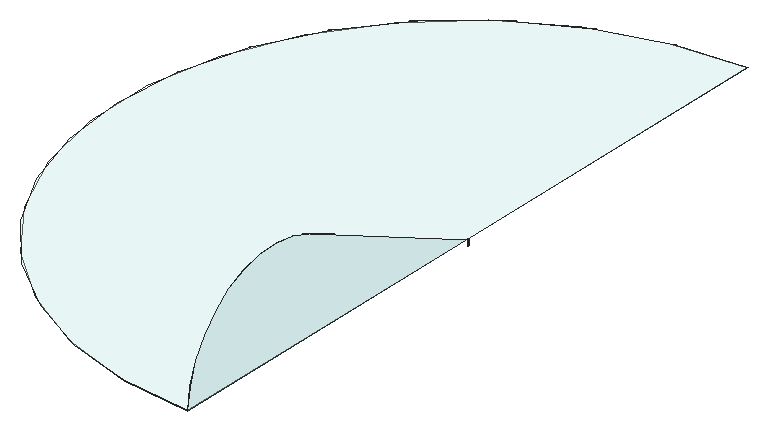
Revit family "Rotor Falvon 6504 Series - 6504PCSS", category Acessórios do tubo, Revit 2020
Family settings
  Cota do conector redondo = Utilizar diâmetro
  Tipo de parte = Normal
  Número OmniClass = 23.60.30.11.14
  Título OmniClass = Pipework Fittings
  Com base no plano de trabalho = Não
  Sempre na vertical = Sim
  Corte com vazios quando carregada = Não
  Compartilhado = Não
Parameters (values of type "Nozzle 18")
  Water = Water
  URL = "https://www.rainbird.com/"
  TABLE 90 = "TABLE 90psi"
  TABLE 80 = "TABLE 80psi"
  TABLE 70 = "TABLE 70psi"
  TABLE 60 = "TABLE 60psi"
  TABLE 50 = "TABLE 50psi"
  TABLE 40 = "TABLE 40psi"
  TABLE 30 = "TABLE 30psi"
  SupportProjetos: Reviw Date = ""  # constant formula
  SupportProjetos: Reviw = "R00"  # constant formula
  SupportProjetos: Level of Detail = "LOD 300"  # constant formula
  SupportProjetos: Developed = "MICHEL SOARES MOTA"  # constant formula
  SupportProjetos: Creation Date = "07/08/2020"  # constant formula
  Side inlet = no
  Rotation Water Visibility [instance] = Pop up on  # yes
  Rotation Angle [instance] = 180.00°
  RainBird: Product Link = "https://www.rainbird.com/"
  RainBird: Description = "FALCON 6504-PC-SS Rotor "  # constant formula
  RainBird: Comment [instance] = ""
  RainBird: Code = "B65501"  # constant formula
  Radius [instance] = if(and(Pressure = 30.0 psi, Instance < 3 ft), size_lookup(TABLE 30, "Radius", 0 ft, Instance), if(and(Pressure = 40.0 psi, Instance < 9 ft), size_lookup(TABLE 40, "Radius", 0 ft, Instance), if(and(Pressure = 50.0 psi, Instance < 9 ft), size_lookup(TABLE 50, "Radius", 0 ft, Instance), if(and(Pressure = 60.0 psi, Instance < 9 ft), size_lookup(TABLE 60, "Radius", 0 ft, Instance), if(and(Pressure = 70.0 psi, Instance < 9 ft), size_lookup(TABLE 70, "Radius", 0 ft, Instance), if(and(Pressure = 80.0 psi, Instance < 9 ft), size_lookup(TABLE 80, "Radius", 0 ft, Instance), if(and(Pressure = 90.0 psi, Instance > 7 ft), size_lookup(TABLE 90, "Radius", 600 ft, Instance), 0 ft)))))))  # 63 ft
  RT = 0.009893 ft
  RN = 0.032808 ft
  R5 = 0.03937 ft
  R4 = 0.04101 ft
  R3 = 0.065617 ft
  R2 = 0.075407 ft
  R1 = 0.032808 ft
  Pressure [instance] = 60.0 psi
  Pop up height = 0.334646 ft
  Pop up on [instance] = yes
  Modelo = "6504-PCSS"  # constant formula
  Instance = 8 ft
  H1 = Body height / 3  # 0.236333 ft
  Flow [instance] = if(and(Pressure = 30.0 psi, Instance < 3 ft), size_lookup(TABLE 30, "Flow", 0.0 GPM, Instance), if(and(Pressure = 40.0 psi, Instance < 9 ft), size_lookup(TABLE 40, "Flow", 0.0 GPM, Instance), if(and(Pressure = 50.0 psi, Instance < 9 ft), size_lookup(TABLE 50, "Flow", 0.0 GPM, Instance), if(and(Pressure = 60.0 psi, Instance < 9 ft), size_lookup(TABLE 60, "Flow", 0.0 GPM, Instance), if(and(Pressure = 70.0 psi, Instance < 9 ft), size_lookup(TABLE 70, "Flow", 0.0 GPM, Instance), if(and(Pressure = 80.0 psi, Instance < 9 ft), size_lookup(TABLE 80, "Flow", 0.0 GPM, Instance), if(and(Pressure = 90.0 psi, Instance > 7 ft), size_lookup(TABLE 90, "Flow", 0.0 GPM, Instance), 0.0 GPM)))))))  # 17.1 GPM
  Fabricante = "Rain Bird"
  Elevação padrão = 0 ft
  Description = RainBird: Description  # "FALCON 6504-PC-SS Rotor "
  DD13 = 0.002625 ft
  DD12 = 0.003937 ft
  DD11 = 0.009897 ft
  DD10 = 0.016404 ft
  DD8 [instance] = if(Pop up on, Pop up height, 0 ft)  # 0.334646 ft
  DD7 = 0.019685 ft
  DD6 [instance] = 0.016404 ft
  DD5 = 0.065617 ft
  DD4 = 0.032808 ft
  DD3 = 0.091048 ft
  DD2 [instance] = 0.024514 ft
  DD9 [instance] = if(Pop up on, Pop up height + 0.049541 ft, 0 ft)  # 0.384186 ft
  DD1 = 0.006562 ft
  Conection = 0.062664 ft  # constant formula
  Body height = 0.709 ft  # constant formula
  Blue = Blue Plastic
  Black Plastic = Black Plastic
  Angle = 25.00°
Types (9, lengths in ft): name | Radius | Pressure | Instance | Flow
  (no name) | 63 | 60.0 psi | 8 | 17.1 GPM
  Nozzle 4 | 43 | 80.0 psi | 1 | 4.6 GPM
  Nozzle 6 | 49 | 80.0 psi | 2 | 4.9 GPM
  Nozzle 8 | 53 | 80.0 psi | 3 | 9.4 GPM
  Nozzle 10 | 55 | 80.0 psi | 4 | 11.6 GPM
  Nozzle 12 | 61 | 80.0 psi | 5 | 14.0 GPM
  Tipo 14 | 61 | 80.0 psi | 6 | 16.2 GPM
  Nozzle 16 | 63 | 80.0 psi | 7 | 18.1 GPM
  Nozzle 18 | 63 | 60.0 psi | 8 | 17.1 GPM
Reference planes (ft)
  plane 1 "Centro (Frente/Trás)": y = 0
  plane 2: z = 0
  plane 3 "Centro (Esquerda/Direita)": x = 0
  plane 4: z = 0.003937
  plane 5: z = 0.002625
  plane 6: y = -0.065617
Forms (ft)
  Revolve 1, solid, material "Black Plastic" <- "Black Plastic"
    sketch origin (0, 0, 0) x (1, 0, 0) y (0, 0, 1)
      loop
        line (0.075407, -0.091048) -> (0.075407, -0.035324)
        arc (0.075407, -0.035324) -> (0.072509, -0.028329) -> (0.065514, -0.025431) r 0.009893
        line (0.065514, -0.025431) -> (0.046098, -0.025431) -> (0.046098, 0) -> (0.03937, 0) -> (0.03937, -0.334646) -> (0.019685, -0.334646) -> (0.019685, -0.702438) -> (0.032808, -0.702438) -> (0.032808, -0.709) -> (0.04101, -0.709) -> (0.04101, -0.702438) -> (0.055724, -0.702438)
        arc (0.055724, -0.702438) -> (0.062719, -0.699541) -> (0.065617, -0.692545) r 0.009893
        line (0.065617, -0.692545) -> (0.065617, -0.091048) -> (0.075407, -0.091048)
      axis (0, -0.709) -> (0, 0)
    angle from 0 to 360
  Extrusion 2, solid, material "Black Plastic" <- "Black Plastic"
    sketch origin (0, 0, 0) x (1, 0, 0) y (0, 1, 0)
      loop
        circle (0, 0) r 0.032808
    from -0.334646 to 0.334646
  Extrusion 3, void
    sketch origin (0, 0, 0) x (1, 0, 0) y (0, 1, 0)
      loop
        circle (0, 0) r 0.022844
    from -0.334646 to 0.334646
  Revolve 4, solid, material "Black Plastic" <- "Black Plastic"
    sketch origin (0, 0, 0) x (1, 0, 0) y (0, 0, 1)
      loop
        line (0, 0.334646) -> (0.037004, 0.334646) -> (0.037004, 0.344543)
        arc (0.037004, 0.344543) -> (0.01879, 0.349436) -> (0, 0.35105) r 0.10685
        line (0, 0.35105) -> (0, 0.334646)
      axis (0, 0.334646) -> (0, 0.35105)
    angle from 0 to 360
  Extrusion 5, solid, material "Blue Plastic" <- "Blue"
    sketch origin (0, 0, 0) x (1, 0, 0) y (0, 0, 1)
      loop
        circle (0, 0.310131) r 0.009129
      loop
        circle (0, 0.310131) r 0.004793
    from 0 to 0.034386
  Extrusion 6, void
    sketch origin (0, 0, 0) x (1, 0, 0) y (0, 0, 1)
      loop
        line (-0.02074, 0.328055) -> (-0.02074, 0.282426) -> (0.020672, 0.282426) -> (0.020672, 0.328055) -> (-0.02074, 0.328055)
      loop
        line (-0.018439, 0.325179) -> (-0.018439, 0.285685) -> (0.018179, 0.285685) -> (0.018179, 0.325179) -> (-0.018439, 0.325179)
    from 0.024556 to 0.06931
  Extrusion 7, solid, material "Black Plastic" <- "Black Plastic"
    sketch origin (0, 0, 0) x (1, 0, 0) y (0, 0, 1)
      loop
        line (0.046098, 0) -> (0.046098, -0.036876) -> (0.073493, -0.036876) -> (0.046098, 0)
    from -0.002998 to 0.002998
  Extrusion 8, solid, material "Black Plastic" <- "Black Plastic"
    sketch origin (0, 0, 0) x (-1, 0, 0) y (0, 0, -1)
      loop
        line (0.046098, 0) -> (0.073493, 0.036876) -> (0.046098, 0.036876) -> (0.046098, 0)
    from -0.002998 to 0.002998
  Extrusion 9, solid, material "Black Plastic" <- "Black Plastic"
    sketch origin (0, 0, 0) x (0.866025, 0.5, 0) y (0, 0, 1)
      loop
        line (0.046098, 0) -> (0.046098, -0.036876) -> (0.073493, -0.036876) -> (0.046098, 0)
    from -0.002998 to 0.002998
  Extrusion 10, solid, material "Black Plastic" <- "Black Plastic"
    sketch origin (0, 0, 0) x (-0.866025, -0.5, 0) y (0, 0, -1)
      loop
        line (0.046098, 0) -> (0.073493, 0.036876) -> (0.046098, 0.036876) -> (0.046098, 0)
    from -0.002998 to 0.002998
  Extrusion 11, solid, material "Black Plastic" <- "Black Plastic"
    sketch origin (0, 0, 0) x (0, 1, 0) y (0, 0, 1)
      loop
        line (0.046098, 0) -> (0.046098, -0.036876) -> (0.073493, -0.036876) -> (0.046098, 0)
    from -0.002998 to 0.002998
  Extrusion 12, solid, material "Black Plastic" <- "Black Plastic"
    sketch origin (0, 0, 0) x (0, -1, 0) y (0, 0, -1)
      loop
        line (0.046098, 0) -> (0.073493, 0.036876) -> (0.046098, 0.036876) -> (0.046098, 0)
    from -0.002998 to 0.002998
  Extrusion 13, solid, material "Black Plastic" <- "Black Plastic"
    sketch origin (0, 0, 0) x (0.5, 0.866025, 0) y (0, 0, 1)
      loop
        line (0.046098, 0) -> (0.046098, -0.036876) -> (0.073493, -0.036876) -> (0.046098, 0)
    from -0.002998 to 0.002998
  Extrusion 14, solid, material "Black Plastic" <- "Black Plastic"
    sketch origin (0, 0, 0) x (-0.5, -0.866025, 0) y (0, 0, -1)
      loop
        line (0.046098, 0) -> (0.073493, 0.036876) -> (0.046098, 0.036876) -> (0.046098, 0)
    from -0.002998 to 0.002998
  Extrusion 15, solid, material "Black Plastic" <- "Black Plastic"
    sketch origin (0, 0, 0) x (-0.5, 0.866025, 0) y (0, 0, 1)
      loop
        line (0.046098, 0) -> (0.046098, -0.036876) -> (0.073493, -0.036876) -> (0.046098, 0)
    from -0.002998 to 0.002998
  Extrusion 16, solid, material "Black Plastic" <- "Black Plastic"
    sketch origin (0, 0, 0) x (0.5, -0.866025, 0) y (0, 0, -1)
      loop
        line (0.046098, 0) -> (0.073493, 0.036876) -> (0.046098, 0.036876) -> (0.046098, 0)
    from -0.002998 to 0.002998
  Extrusion 17, solid, material "Black Plastic" <- "Black Plastic"
    sketch origin (0, 0, 0) x (-0.866025, 0.5, 0) y (0, 0, 1)
      loop
        line (0.046098, 0) -> (0.046098, -0.036876) -> (0.073493, -0.036876) -> (0.046098, 0)
    from -0.002998 to 0.002998
  Extrusion 18, solid, material "Black Plastic" <- "Black Plastic"
    sketch origin (0, 0, 0) x (0.866025, -0.5, 0) y (0, 0, -1)
      loop
        line (0.046098, 0) -> (0.073493, 0.036876) -> (0.046098, 0.036876) -> (0.046098, 0)
    from -0.002998 to 0.002998
  Extrusion 19, void
    sketch origin (0, 0, 0) x (1, 0, 0) y (0, 1, 0)
      loop
        line (-0.002998, 0.077702) -> (-0.002998, 0.071655) -> (0.002998, 0.071655) -> (0.002998, 0.077702) -> (-0.002998, 0.077702)
    from -0.091048 to 0.82021
  Extrusion 20, void
    sketch origin (0, 0, 0) x (1, 0, 0) y (0, 1, 0)
      loop
        line (0.002998, -0.077702) -> (0.002998, -0.071655) -> (-0.002998, -0.071655) -> (-0.002998, -0.077702) -> (0.002998, -0.077702)
    from -0.091048 to 0.82021
  Extrusion 21, void
    sketch origin (0, 0, 0) x (0.965926, 0.258819, 0) y (-0.258819, 0.965926, 0)
      loop
        line (-0.002998, 0.077702) -> (-0.002998, 0.071655) -> (0.002998, 0.071655) -> (0.002998, 0.077702) -> (-0.002998, 0.077702)
    from -0.091048 to 0.82021
  Extrusion 22, void
    sketch origin (0, 0, 0) x (0.965926, 0.258819, 0) y (-0.258819, 0.965926, 0)
      loop
        line (0.002998, -0.077702) -> (0.002998, -0.071655) -> (-0.002998, -0.071655) -> (-0.002998, -0.077702) -> (0.002998, -0.077702)
    from -0.091048 to 0.82021
  Extrusion 23, void
    sketch origin (0, 0, 0) x (0.866025, 0.5, 0) y (-0.5, 0.866025, 0)
      loop
        line (-0.002998, 0.077702) -> (-0.002998, 0.071655) -> (0.002998, 0.071655) -> (0.002998, 0.077702) -> (-0.002998, 0.077702)
    from -0.091048 to 0.82021
  Extrusion 24, void
    sketch origin (0, 0, 0) x (0.866025, 0.5, 0) y (-0.5, 0.866025, 0)
      loop
        line (0.002998, -0.077702) -> (0.002998, -0.071655) -> (-0.002998, -0.071655) -> (-0.002998, -0.077702) -> (0.002998, -0.077702)
    from -0.091048 to 0.82021
  Extrusion 25, void
    sketch origin (0, 0, 0) x (0.5, 0.866025, 0) y (-0.866025, 0.5, 0)
      loop
        line (-0.002998, 0.077702) -> (-0.002998, 0.071655) -> (0.002998, 0.071655) -> (0.002998, 0.077702) -> (-0.002998, 0.077702)
    from -0.091048 to 0.82021
  Extrusion 26, void
    sketch origin (0, 0, 0) x (0.5, 0.866025, 0) y (-0.866025, 0.5, 0)
      loop
        line (0.002998, -0.077702) -> (0.002998, -0.071655) -> (-0.002998, -0.071655) -> (-0.002998, -0.077702) -> (0.002998, -0.077702)
    from -0.091048 to 0.82021
  Extrusion 27, void
    sketch origin (0, 0, 0) x (0.707107, 0.707107, 0) y (-0.707107, 0.707107, 0)
      loop
        line (-0.002998, 0.077702) -> (-0.002998, 0.071655) -> (0.002998, 0.071655) -> (0.002998, 0.077702) -> (-0.002998, 0.077702)
    from -0.091048 to 0.82021
  Extrusion 28, void
    sketch origin (0, 0, 0) x (0.707107, 0.707107, 0) y (-0.707107, 0.707107, 0)
      loop
        line (0.002998, -0.077702) -> (0.002998, -0.071655) -> (-0.002998, -0.071655) -> (-0.002998, -0.077702) -> (0.002998, -0.077702)
    from -0.091048 to 0.82021
  Extrusion 29, void
    sketch origin (0, 0, 0) x (0.258819, 0.965926, 0) y (-0.965926, 0.258819, 0)
      loop
        line (-0.002998, 0.077702) -> (-0.002998, 0.071655) -> (0.002998, 0.071655) -> (0.002998, 0.077702) -> (-0.002998, 0.077702)
    from -0.091048 to 0.82021
  Extrusion 30, void
    sketch origin (0, 0, 0) x (0.258819, 0.965926, 0) y (-0.965926, 0.258819, 0)
      loop
        line (0.002998, -0.077702) -> (0.002998, -0.071655) -> (-0.002998, -0.071655) -> (-0.002998, -0.077702) -> (0.002998, -0.077702)
    from -0.091048 to 0.82021
  Extrusion 31, void
    sketch origin (0, 0, 0) x (0, 1, 0) y (-1, 0, 0)
      loop
        line (-0.002998, 0.077702) -> (-0.002998, 0.071655) -> (0.002998, 0.071655) -> (0.002998, 0.077702) -> (-0.002998, 0.077702)
    from -0.091048 to 0.82021
  Extrusion 32, void
    sketch origin (0, 0, 0) x (0, 1, 0) y (-1, 0, 0)
      loop
        line (0.002998, -0.077702) -> (0.002998, -0.071655) -> (-0.002998, -0.071655) -> (-0.002998, -0.077702) -> (0.002998, -0.077702)
    from -0.091048 to 0.82021
  Extrusion 33, void
    sketch origin (0, 0, 0) x (-0.258819, 0.965926, 0) y (-0.965926, -0.258819, 0)
      loop
        line (-0.002998, 0.077702) -> (-0.002998, 0.071655) -> (0.002998, 0.071655) -> (0.002998, 0.077702) -> (-0.002998, 0.077702)
    from -0.091048 to 0.82021
  Extrusion 34, void
    sketch origin (0, 0, 0) x (-0.258819, 0.965926, 0) y (-0.965926, -0.258819, 0)
      loop
        line (0.002998, -0.077702) -> (0.002998, -0.071655) -> (-0.002998, -0.071655) -> (-0.002998, -0.077702) -> (0.002998, -0.077702)
    from -0.091048 to 0.82021
  Extrusion 35, void
    sketch origin (0, 0, 0) x (-0.5, 0.866025, 0) y (-0.866025, -0.5, 0)
      loop
        line (-0.002998, 0.077702) -> (-0.002998, 0.071655) -> (0.002998, 0.071655) -> (0.002998, 0.077702) -> (-0.002998, 0.077702)
    from -0.091048 to 0.82021
  Extrusion 36, void
    sketch origin (0, 0, 0) x (-0.5, 0.866025, 0) y (-0.866025, -0.5, 0)
      loop
        line (0.002998, -0.077702) -> (0.002998, -0.071655) -> (-0.002998, -0.071655) -> (-0.002998, -0.077702) -> (0.002998, -0.077702)
    from -0.091048 to 0.82021
  Extrusion 37, void
    sketch origin (0, 0, 0) x (-0.707107, 0.707107, 0) y (-0.707107, -0.707107, 0)
      loop
        line (-0.002998, 0.077702) -> (-0.002998, 0.071655) -> (0.002998, 0.071655) -> (0.002998, 0.077702) -> (-0.002998, 0.077702)
    from -0.091048 to 0.82021
  Extrusion 38, void
    sketch origin (0, 0, 0) x (-0.707107, 0.707107, 0) y (-0.707107, -0.707107, 0)
      loop
        line (0.002998, -0.077702) -> (0.002998, -0.071655) -> (-0.002998, -0.071655) -> (-0.002998, -0.077702) -> (0.002998, -0.077702)
    from -0.091048 to 0.82021
  Extrusion 39, void
    sketch origin (0, 0, 0) x (-0.866025, 0.5, 0) y (-0.5, -0.866025, 0)
      loop
        line (-0.002998, 0.077702) -> (-0.002998, 0.071655) -> (0.002998, 0.071655) -> (0.002998, 0.077702) -> (-0.002998, 0.077702)
    from -0.091048 to 0.82021
  Extrusion 40, void
    sketch origin (0, 0, 0) x (-0.866025, 0.5, 0) y (-0.5, -0.866025, 0)
      loop
        line (0.002998, -0.077702) -> (0.002998, -0.071655) -> (-0.002998, -0.071655) -> (-0.002998, -0.077702) -> (0.002998, -0.077702)
    from -0.091048 to 0.82021
  Extrusion 41, void
    sketch origin (0, 0, 0) x (-0.965926, 0.258819, 0) y (-0.258819, -0.965926, 0)
      loop
        line (-0.002998, 0.077702) -> (-0.002998, 0.071655) -> (0.002998, 0.071655) -> (0.002998, 0.077702) -> (-0.002998, 0.077702)
    from -0.091048 to 0.82021
  Extrusion 42, void
    sketch origin (0, 0, 0) x (-0.965926, 0.258819, 0) y (-0.258819, -0.965926, 0)
      loop
        line (0.002998, -0.077702) -> (0.002998, -0.071655) -> (-0.002998, -0.071655) -> (-0.002998, -0.077702) -> (0.002998, -0.077702)
    from -0.091048 to 0.82021
  Extrusion 43, solid, material "Water" <- "Water", visible <- "Rotation Water Visibility"
    sketch origin (0, 0, 0) x (0, 1, 0) y (0, 0, 1)
      loop
        line (-0.032808, 0.310131) -> (-35.615202, 16.902474)
        arc (-35.615202, 16.902474) -> (-53.751991, 15.923219) -> (-63.032808, 0.310131) r 19.287003
        line (-63.032808, 0.310131) -> (-0.032808, 0.310131)
    from -0.008202 to 0.008202
Cuts and joins
  Extrusion 3, Extrusion 6 cuts Extrusion 2
  Extrusion 19, Extrusion 20, Extrusion 21, Extrusion 22, Extrusion 23, Extrusion 24, Extrusion 25, Extrusion 26, Extrusion 27, Extrusion 28, Extrusion 29, Extrusion 30, Extrusion 31, Extrusion 32, Extrusion 33, Extrusion 34, Extrusion 35, Extrusion 36, Extrusion 37, Extrusion 38, Extrusion 39, Extrusion 40, Extrusion 41, Extrusion 42 cuts Revolve 1
Dimensions and locks (ft)
  "Body height": level to Revolve 1 sketch curve
  "R2": Revolve 1 sketch curve to plane 3 "Centro (Esquerda/Direita)"
  "DD1": Revolve 1 sketch curve to Revolve 1 sketch curve
  "DD3": level to Revolve 1 sketch curve
  Revolve 1 sketch curve to plane 3 "Centro (Esquerda/Direita)" = 0.065617 ft
  "R4": Revolve 1 sketch curve to plane 3 "Centro (Esquerda/Direita)"
  "RN": Revolve 1 sketch curve to plane 3 "Centro (Esquerda/Direita)"
  "Pop up height": level to Revolve 1 sketch curve
  "R5": plane 3 "Centro (Esquerda/Direita)" to Revolve 1 sketch curve
  "DD7": Revolve 1 sketch curve to plane 3 "Centro (Esquerda/Direita)"
  "DD8": Extrusion 2 to level
  "DD12": plane 4 to level
  "DD13": plane 5 to level
  "R3": plane 6 to plane 1 "Centro (Frente/Trás)"
  "DD5": Revolve 1 sketch curve to Revolve 1 sketch curve
  "DD10": Revolve 4 sketch curve to Revolve 4 sketch curve
  "DD11": Revolve 4 sketch curve to Revolve 4 sketch curve
  "DD2": Revolve 4 to Extrusion 5 sketch curve  (x2)
  Extrusion 7 to plane 3 "Centro (Esquerda/Direita)" = 0.046098 ft
  equal spacing: Extrusion 7, plane 1 "Centro (Frente/Trás)", Extrusion 7
  Extrusion 8 to Extrusion 8 = 0.005995 ft
  Extrusion 9 to Extrusion 9 = 0.005995 ft
  Extrusion 20 sketch curve to Extrusion 20 sketch curve = 0.005995 ft
  Extrusion 22 sketch curve to Extrusion 22 sketch curve = 0.005995 ft
  Extrusion 24 sketch curve to Extrusion 24 sketch curve = 0.005995 ft
  Extrusion 26 sketch curve to Extrusion 26 sketch curve = 0.005995 ft
  Extrusion 28 sketch curve to Extrusion 28 sketch curve = 0.005995 ft
  Extrusion 30 sketch curve to Extrusion 30 sketch curve = 0.005995 ft
  Extrusion 32 sketch curve to Extrusion 32 sketch curve = 0.005995 ft
  Extrusion 34 sketch curve to Extrusion 34 sketch curve = 0.005995 ft
  Extrusion 36 sketch curve to Extrusion 36 sketch curve = 0.005995 ft
  Extrusion 38 sketch curve to Extrusion 38 sketch curve = 0.005995 ft
  Extrusion 40 sketch curve to Extrusion 40 sketch curve = 0.005995 ft
  Extrusion 42 sketch curve to Extrusion 42 sketch curve = 0.005995 ft
  "DD4": plane 1 "Centro (Frente/Trás)" to Extrusion 43 sketch curve
  "DD2": Revolve 4 to Extrusion 43 sketch curve
  "Radius": Extrusion 43 sketch curve to Extrusion 43 sketch curve
  equal spacing: Extrusion 43, plane 3 "Centro (Esquerda/Direita)", Extrusion 43
  "DD6": Extrusion 43 to Extrusion 43
  "DD2": Revolve 4 to nested 1
  "RT": radius of Revolve 1 sketch curve  (x2)
  "R1": radius of Extrusion 2 sketch curve
  "Angle": angle Extrusion 43 sketch curve to Extrusion 43 sketch curve
  aligned and locked: level to plane 2
  aligned and locked: Revolve 1 sketch curve to Revolve 1 sketch curve
  aligned and locked: Extrusion 2 to Revolve 1
  aligned and locked: cut or joined group of Extrusion 2, Extrusion 3, Extrusion 6 to cut or joined group of Extrusion 2, Extrusion 3, Extrusion 6  (x2)
  aligned and locked: Revolve 4 sketch curve to cut or joined group of Extrusion 2, Extrusion 3, Extrusion 6
  aligned and locked: Extrusion 20 to Revolve 1
  aligned and locked: Extrusion 22 to Revolve 1
  aligned and locked: Extrusion 24 to Revolve 1
  aligned and locked: Extrusion 28 to Revolve 1
  aligned and locked: Extrusion 26 to Revolve 1
  aligned and locked: Extrusion 30 to Revolve 1
  aligned and locked: Extrusion 32 to Revolve 1
  aligned and locked: Extrusion 34 to Revolve 1
  aligned and locked: Revolve 1 to Extrusion 36
  aligned and locked: Revolve 1 to Extrusion 38
  aligned and locked: Extrusion 41 to Revolve 1
  aligned and locked: Extrusion 39 to Revolve 1
  aligned and locked: Extrusion 37 to Revolve 1
  aligned and locked: Extrusion 35 to Revolve 1
  aligned and locked: Extrusion 33 to Revolve 1
  aligned and locked: Extrusion 31 to Revolve 1
  aligned and locked: Extrusion 29 to Revolve 1
  aligned and locked: Revolve 1 to Extrusion 25
  aligned and locked: Revolve 1 to Extrusion 27
  aligned and locked: Revolve 1 to Extrusion 19
  aligned and locked: Revolve 1 to Extrusion 21
  aligned and locked: Revolve 1 to Extrusion 42
  aligned and locked: Revolve 1 to Extrusion 40
  aligned and locked: Revolve 1 to Extrusion 23
Automatic sketch dimensions
  plane 1 "Centro (Frente/Trás)" to Extrusion 2 sketch curve = 0 ft
  Extrusion 2 sketch curve to plane 3 "Centro (Esquerda/Direita)" = 0 ft
  plane 1 "Centro (Frente/Trás)" to Extrusion 3 sketch curve = 0 ft
  Extrusion 3 sketch curve to plane 3 "Centro (Esquerda/Direita)" = 0 ft
  Revolve 4 sketch curve to plane 3 "Centro (Esquerda/Direita)" = 0 ft  (x2)
  plane 3 "Centro (Esquerda/Direita)" to Revolve 4 sketch curve = 0.000284 ft
  plane 3 "Centro (Esquerda/Direita)" to Revolve 4 sketch curve = 0.037004 ft
  Revolve 4 sketch curve to Revolve 4 sketch curve = 0.015719 ft
  Revolve 4 sketch curve to Revolve 4 sketch curve = 0.114829 ft
  Extrusion 5 sketch curve to Extrusion 5 sketch curve = 0 ft
  Extrusion 5 sketch curve to plane 3 "Centro (Esquerda/Direita)" = 0 ft
  Extrusion 6 sketch curve to plane 3 "Centro (Esquerda/Direita)" = 0.02074 ft
  Extrusion 6 sketch curve to Extrusion 6 sketch curve = 0.002301 ft
  plane 3 "Centro (Esquerda/Direita)" to Extrusion 6 sketch curve = 0.018179 ft
  Extrusion 6 sketch curve to Extrusion 6 sketch curve = 0.002492 ft
  plane 4 to Extrusion 6 sketch curve = 0.278489 ft
  Extrusion 6 sketch curve to Extrusion 6 sketch curve = 0.003259 ft
  Extrusion 6 sketch curve to Extrusion 6 sketch curve = 0.039494 ft
  Extrusion 6 sketch curve to Extrusion 6 sketch curve = 0.002876 ft
  Extrusion 7 sketch curve to level = 0 ft
  plane 3 "Centro (Esquerda/Direita)" to Extrusion 7 sketch curve = 0.046098 ft
  Extrusion 7 sketch curve to Extrusion 7 sketch curve = 0.027396 ft
  Extrusion 7 sketch curve to Extrusion 7 sketch curve = 0.036876 ft
  Extrusion 8 sketch curve to level = 0 ft
  plane 3 "Centro (Esquerda/Direita)" to Extrusion 8 sketch curve = 0.046098 ft
  Extrusion 8 sketch curve to Extrusion 8 sketch curve = 0.027396 ft
  Extrusion 8 sketch curve to Extrusion 8 sketch curve = 0.036876 ft
  Extrusion 9 sketch curve to level = 0 ft
  Extrusion 9 sketch curve to level = 0.036876 ft
  Extrusion 9 sketch curve to Extrusion 9 sketch curve = 0.027396 ft
  Extrusion 10 sketch curve to level = 0 ft
  Extrusion 10 sketch curve to level = 0.036876 ft
  Extrusion 10 sketch curve to Extrusion 10 sketch curve = 0.027396 ft
  Extrusion 11 sketch curve to level = 0 ft
  Extrusion 11 sketch curve to plane 1 "Centro (Frente/Trás)" = 0.046098 ft
  Extrusion 11 sketch curve to Extrusion 11 sketch curve = 0.027396 ft
  Extrusion 11 sketch curve to Extrusion 11 sketch curve = 0.036876 ft
  Extrusion 12 sketch curve to level = 0 ft
  plane 6 to Extrusion 12 sketch curve = 0.019519 ft
  Extrusion 12 sketch curve to plane 6 = 0.007877 ft
  Extrusion 12 sketch curve to level = 0.036876 ft
  Extrusion 13 sketch curve to level = 0 ft
  Extrusion 13 sketch curve to level = 0.036876 ft
  Extrusion 13 sketch curve to Extrusion 13 sketch curve = 0.027396 ft
  Extrusion 14 sketch curve to level = 0 ft
  Extrusion 14 sketch curve to level = 0.036876 ft
  Extrusion 14 sketch curve to Extrusion 14 sketch curve = 0.027396 ft
  level to Extrusion 15 sketch curve = 0 ft
  Extrusion 15 sketch curve to level = 0.036876 ft
  Extrusion 15 sketch curve to Extrusion 15 sketch curve = 0.027396 ft
  level to Extrusion 16 sketch curve = 0 ft
  Extrusion 16 sketch curve to level = 0.036876 ft
  Extrusion 16 sketch curve to Extrusion 16 sketch curve = 0.027396 ft
  level to Extrusion 17 sketch curve = 0 ft
  Extrusion 17 sketch curve to level = 0.036876 ft
  Extrusion 17 sketch curve to Extrusion 17 sketch curve = 0.027396 ft
  level to Extrusion 18 sketch curve = 0 ft
  Extrusion 18 sketch curve to level = 0.036876 ft
  Extrusion 18 sketch curve to Extrusion 18 sketch curve = 0.027396 ft
  Extrusion 19 sketch curve to plane 3 "Centro (Esquerda/Direita)" = 0.002998 ft
  Extrusion 19 sketch curve to plane 1 "Centro (Frente/Trás)" = 0.071655 ft
  Extrusion 19 sketch curve to Extrusion 19 sketch curve = 0.006047 ft
  plane 3 "Centro (Esquerda/Direita)" to Extrusion 20 sketch curve = 0.002998 ft
  plane 6 to Extrusion 20 sketch curve = 0.006038 ft
  Extrusion 20 sketch curve to Extrusion 20 sketch curve = 0.006047 ft
  plane 3 "Centro (Esquerda/Direita)" to Extrusion 19 sketch curve = 0.002998 ft
  Extrusion 21 sketch curve to plane 3 "Centro (Esquerda/Direita)" = 0.021441 ft
  Extrusion 21 sketch curve to plane 1 "Centro (Frente/Trás)" = 0.068438 ft
  Extrusion 21 sketch curve to Extrusion 21 sketch curve = 0.005995 ft
  Extrusion 21 sketch curve to Extrusion 21 sketch curve = 0.006047 ft
  Extrusion 22 sketch curve to plane 6 = 0.010213 ft
  plane 3 "Centro (Esquerda/Direita)" to Extrusion 22 sketch curve = 0.017215 ft
  Extrusion 22 sketch curve to Extrusion 22 sketch curve = 0.006047 ft
  Extrusion 23 sketch curve to plane 3 "Centro (Esquerda/Direita)" = 0.038424 ft
  Extrusion 23 sketch curve to plane 1 "Centro (Frente/Trás)" = 0.060556 ft
  Extrusion 23 sketch curve to Extrusion 23 sketch curve = 0.005995 ft
  Extrusion 23 sketch curve to Extrusion 23 sketch curve = 0.006047 ft
  Extrusion 24 sketch curve to plane 6 = 0.003174 ft
  plane 3 "Centro (Esquerda/Direita)" to Extrusion 24 sketch curve = 0.036255 ft
  Extrusion 24 sketch curve to Extrusion 24 sketch curve = 0.006047 ft
  Extrusion 25 sketch curve to plane 1 "Centro (Frente/Trás)" = 0.033231 ft
  Extrusion 25 sketch curve to plane 3 "Centro (Esquerda/Direita)" = 0.063554 ft
  Extrusion 25 sketch curve to Extrusion 25 sketch curve = 0.005995 ft
  Extrusion 25 sketch curve to Extrusion 25 sketch curve = 0.006047 ft
  Extrusion 26 sketch curve to plane 6 = 0.02417 ft
  Extrusion 26 sketch curve to plane 3 "Centro (Esquerda/Direita)" = 0.065793 ft
  Extrusion 26 sketch curve to Extrusion 26 sketch curve = 0.006047 ft
  Extrusion 27 sketch curve to plane 1 "Centro (Frente/Trás)" = 0.048548 ft
  Extrusion 27 sketch curve to plane 3 "Centro (Esquerda/Direita)" = 0.052787 ft
  Extrusion 27 sketch curve to Extrusion 27 sketch curve = 0.005995 ft
  Extrusion 27 sketch curve to Extrusion 27 sketch curve = 0.006047 ft
  plane 6 to Extrusion 28 sketch curve = 0.008554 ft
  plane 3 "Centro (Esquerda/Direita)" to Extrusion 28 sketch curve = 0.052824 ft
  Extrusion 28 sketch curve to Extrusion 28 sketch curve = 0.006047 ft
  Extrusion 29 sketch curve to plane 1 "Centro (Frente/Trás)" = 0.01565 ft
  Extrusion 29 sketch curve to plane 3 "Centro (Esquerda/Direita)" = 0.069989 ft
  Extrusion 29 sketch curve to Extrusion 29 sketch curve = 0.005995 ft
  Extrusion 29 sketch curve to Extrusion 29 sketch curve = 0.006047 ft
  plane 1 "Centro (Frente/Trás)" to Extrusion 30 sketch curve = 0.023006 ft
  plane 3 "Centro (Esquerda/Direita)" to Extrusion 30 sketch curve = 0.074278 ft
  Extrusion 30 sketch curve to Extrusion 30 sketch curve = 0.006047 ft
  plane 1 "Centro (Frente/Trás)" to Extrusion 31 sketch curve = 0.002998 ft
  Extrusion 31 sketch curve to plane 1 "Centro (Frente/Trás)" = 0.002998 ft
  Extrusion 31 sketch curve to plane 3 "Centro (Esquerda/Direita)" = 0.071655 ft
  Extrusion 31 sketch curve to Extrusion 31 sketch curve = 0.006047 ft
  plane 1 "Centro (Frente/Trás)" to Extrusion 32 sketch curve = 0.002998 ft
  plane 3 "Centro (Esquerda/Direita)" to Extrusion 32 sketch curve = 0.077702 ft
  Extrusion 32 sketch curve to Extrusion 32 sketch curve = 0.006047 ft
  plane 1 "Centro (Frente/Trás)" to Extrusion 33 sketch curve = 0.021441 ft
  Extrusion 33 sketch curve to plane 3 "Centro (Esquerda/Direita)" = 0.068438 ft
  Extrusion 33 sketch curve to Extrusion 33 sketch curve = 0.005995 ft
  Extrusion 33 sketch curve to Extrusion 33 sketch curve = 0.006047 ft
  Extrusion 34 sketch curve to plane 1 "Centro (Frente/Trás)" = 0.017215 ft
  plane 3 "Centro (Esquerda/Direita)" to Extrusion 34 sketch curve = 0.07583 ft
  Extrusion 34 sketch curve to Extrusion 34 sketch curve = 0.006047 ft
  plane 6 to Extrusion 35 sketch curve = 0.027193 ft
  Extrusion 35 sketch curve to plane 3 "Centro (Esquerda/Direita)" = 0.060556 ft
  Extrusion 35 sketch curve to Extrusion 35 sketch curve = 0.005995 ft
  Extrusion 35 sketch curve to Extrusion 35 sketch curve = 0.006047 ft
  Extrusion 36 sketch curve to plane 1 "Centro (Frente/Trás)" = 0.036255 ft
  plane 3 "Centro (Esquerda/Direita)" to Extrusion 36 sketch curve = 0.068791 ft
  Extrusion 36 sketch curve to Extrusion 36 sketch curve = 0.006047 ft
  plane 6 to Extrusion 37 sketch curve = 0.012829 ft
  Extrusion 37 sketch curve to plane 3 "Centro (Esquerda/Direita)" = 0.048548 ft
  Extrusion 37 sketch curve to Extrusion 37 sketch curve = 0.005995 ft
  Extrusion 37 sketch curve to Extrusion 37 sketch curve = 0.006047 ft
  Extrusion 38 sketch curve to plane 1 "Centro (Frente/Trás)" = 0.052824 ft
  plane 3 "Centro (Esquerda/Direita)" to Extrusion 38 sketch curve = 0.057063 ft
  Extrusion 38 sketch curve to Extrusion 38 sketch curve = 0.006047 ft
  plane 6 to Extrusion 39 sketch curve = 0.002063 ft
  Extrusion 39 sketch curve to plane 3 "Centro (Esquerda/Direita)" = 0.033231 ft
  Extrusion 39 sketch curve to Extrusion 39 sketch curve = 0.005995 ft
  Extrusion 39 sketch curve to Extrusion 39 sketch curve = 0.006047 ft
  plane 3 "Centro (Esquerda/Direita)" to Extrusion 40 sketch curve = 0.041447 ft
  Extrusion 40 sketch curve to plane 1 "Centro (Frente/Trás)" = 0.065793 ft
  Extrusion 40 sketch curve to Extrusion 40 sketch curve = 0.006047 ft
  Extrusion 41 sketch curve to plane 6 = 0.004372 ft
  Extrusion 41 sketch curve to plane 3 "Centro (Esquerda/Direita)" = 0.01565 ft
  Extrusion 41 sketch curve to Extrusion 41 sketch curve = 0.005995 ft
  Extrusion 41 sketch curve to Extrusion 41 sketch curve = 0.006047 ft
  plane 3 "Centro (Esquerda/Direita)" to Extrusion 42 sketch curve = 0.023006 ft
  Extrusion 42 sketch curve to plane 1 "Centro (Frente/Trás)" = 0.074278 ft
  Extrusion 42 sketch curve to Extrusion 42 sketch curve = 0.006047 ft
  Revolve 1 sketch curve to plane 3 "Centro (Esquerda/Direita)" = 0 ft
  Revolve 1 sketch curve to level = 0 ft
  Revolve 1 sketch curve to Revolve 1 sketch curve = 0.019416 ft
  plane 4 to Revolve 1 sketch curve = 0.079347 ft
  Revolve 1 sketch curve to Revolve 1 sketch curve = 0.918635 ft
  Extrusion 43 sketch curve to level = 0.577487 ft
  radius of Extrusion 3 sketch curve = 0.022844 ft
  radius of Extrusion 5 sketch curve = 0.009129 ft
  radius of Extrusion 5 sketch curve = 0.004793 ft
Nested families (ft)
  nested 1: "Water" at (-0.000078, 0, 0.190873) x (0, -1, 0) z (0, 0, 1), DT9 <- "DD4", Radius <- "Radius", visible <- "Rotation Water Visibility", Rotation Angle <- "Rotation Angle", type "Water"
    with Rotation Angle 180.00°, Radius 63 ft, DT9 0.032808 ft, DT8 0 ft, DT7 252 ft, DT4 315 ft, Angle 2 180.00°
Connectors (ft)
  piping at (0, 0, -0.709), diameter 2
    settings: on cut or joined group of Revolve 1, Extrusion 19, Extrusion 20, Extrusion 21, Extrusion 22, Extrusion 23, Extrusion 24, Extrusion 25, Extrusion 26, Extrusion 27, Extrusion 28, Extrusion 29, Extrusion 30, Extrusion 31, Extrusion 32, Extrusion 33, Extrusion 34, Extrusion 35, Extrusion 36, Extrusion 37, Extrusion 38, Extrusion 39, Extrusion 40, Extrusion 41, Extrusion 42, index 1, connector inside diameter 609.6 mm, connector length 0 ft, flow factor 0, pipe flow 0.0 GPM, pressure drop 0.0 psi, fitting loss kfactor 0, connector angle 0.00°, fixture units 0, engagement length 0 ft, angle of deflection 0.00°, flow configuration 0, flow direction 0, fitting loss method 0, system type 28, joint type 0, gender type 0, connector reference index -1, connector utility 0, adjustable connector no, is connector primary yes, connector description ""
Definition of nested family "Water"
  Parameters (values of type "Water")
    Water Visibility (Circle) = yes
    Water = none
    URL = ""
    SupportProjetos: Reviw Date = ""  # constant formula
    SupportProjetos: Level of Detail = "LOD 300"  # constant formula
    SupportProjetos: Developed = "MICHEL SOARES MOTA"  # constant formula
    SupportProjetos: Creation Date = "16/07/2020"  # constant formula
    Rotation Angle [instance] = 90.00°
    Reviw = "R00"  # constant formula
    Radius [instance] = 14 ft
    Model = ""
    Default Elevation = 4 ft
    Description = ""
    DT9 [instance] = 0.032808 ft
    DT8 [instance] = if(Rotation Angle = 360.00°, 10 ft, 0 ft)  # 0 ft
    DT7 [instance] = 4 * Radius  # 56 ft
    DT4 [instance] = 5 * Radius  # 70 ft
    DT2 = 0.098425 ft  # constant formula
    DT6 = 0 ft
    Angle 2 [instance] = if(Rotation Angle = 360.00°, 180.00°, 360.00° - Rotation Angle)  # 270.00°
  Reference planes (ft)
    plane 1 "Centro (Frente/Trás)": y = 0
    plane 2: z = 0
    plane 3 "Centro (Esquerda/Direita)": x = 0
  Forms (ft)
    Revolve 1, solid, material <- "Water", visible <- "Water Visibility (Circle)"
      sketch origin (0, 0, 0) x (1, 0, 0) y (0, 0, 1)
        loop
          line (0.032808, 0.098425) -> (14.032808, 0.098425) -> (14.032808, 0.119259) -> (0.032808, 0.119259) -> (0.032808, 0.098425)
        axis (0, 0.098425) -> (0, 0.119259)
      angle from 0 to 360
    Extrusion 2, void
      sketch origin (0, 0, 0) x (1, 0, 0) y (0, 1, 0)
        loop
          line (0, 0) -> (70, 0) -> (70, 56)
          arc (70, 56) -> (-70.459018, 51.588344) -> (0, -70) r 81.847109
          line (0, -70) -> (0, 0)
      from 0 to 15.189231
  Cuts and joins
    Extrusion 2 cuts Revolve 1
  Dimensions and locks (ft)
    "DT2": Revolve 1 sketch curve to level
    "DT4": Extrusion 2 sketch curve to Extrusion 2 sketch curve  (x2)
    "DT6": Extrusion 2 sketch curve to plane 3 "Centro (Esquerda/Direita)"
    "DT7": Extrusion 2 sketch curve to Extrusion 2 sketch curve
    "DT8": cut or joined group of Revolve 1, Extrusion 2 to level
    "Radius": Revolve 1 sketch curve to Revolve 1 sketch curve
    "DT9": Revolve 1 sketch curve to plane 3 "Centro (Esquerda/Direita)"
    "Angle 2": angle Extrusion 2 sketch curve to Extrusion 2 sketch curve
    aligned and locked: level to plane 2
    aligned and locked: plane 1 "Centro (Frente/Trás)" to Extrusion 2 sketch curve
  Automatic sketch dimensions
    plane 3 "Centro (Esquerda/Direita)" to Extrusion 2 sketch curve = 1.088227 ft
    Revolve 1 sketch curve to plane 3 "Centro (Esquerda/Direita)" = 0 ft
    Revolve 1 sketch curve to Revolve 1 sketch curve = 0.020833 ft
    Revolve 1 sketch curve to Revolve 1 sketch curve = 0.032113 ft
    Revolve 1 sketch curve to Revolve 1 sketch curve = 10.2693 ft
